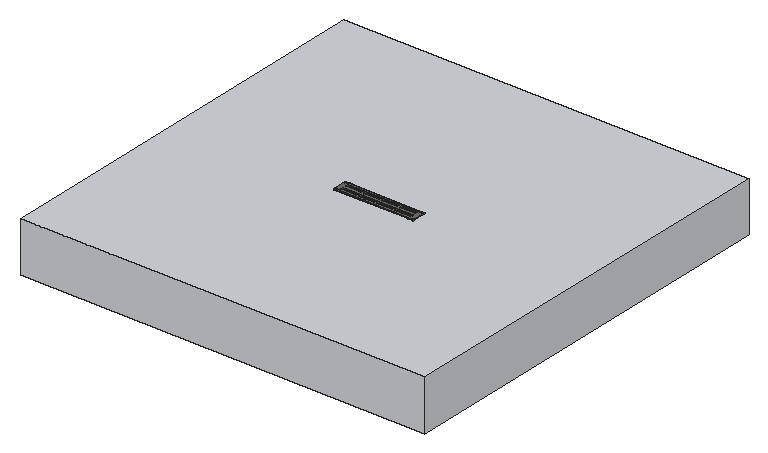
Revit family
Parameters (values of type "HD5-48")
  U/M = "EA"
  U Space = "2"
  System = "Cat 5e UTP"
  Serial Number = "HD5-48"
  Segment = "COPPER"
  Ports = "48"
  Model = "PATCH PANEL"
  Metal = none
  Manufacturer = "SIEMON"
  Loaded/Empty = "Populated"
  Item Group = "PATCH PANELS"
  Item Class = "GA"
  Description = "48 PORT CAT5e PATCH PANEL, UNIVERSAL WIRED,2RMS"
  Default Elevation = 4' - 0"
  Color = "Black"
Reference planes (in)
  plane 1 "Center (Front/Back)": y = 0
  plane 2: z = 0
  plane 3 "Center (Left/Right)": x = 0
Forms (in)
  Extrusion 1, solid
    sketch origin (0, 0, 0) x (1, 0, 0) y (0, 1, 0)
      loop
        line (-48, 48) -> (-48, -48) -> (48, -48) -> (48, 48) -> (-48, 48)
    from 0 to -12
Dimensions and locks (in)
  aligned and locked: plane 2 to Extrusion 1
  aligned and locked: level to Extrusion 1
Nested families (in)
  nested 1: "HD5-48[1][1]" at (0, -1.1293, -1.40711), type "HD5-48[1][1]"
Definition of nested family "HD5-48[1][1]"
  Parameters (values of type "HD5-48[1][1]")
    Weight = "1.4 kgs (3.0 lbs)"
    UL Rating = "UL 1863"
    U Space / Capacity = "1U"
    Text1 = Symbol
    Text = Text
    Part Number = "HD5-48"
    Material = Black Anodized Aluminum
    Manufacturer Contact Info / Website = "www.siemon.com"
    Manufacturer = "Siemon"
    Dimensions (H x W x D) = "89mm x 483mm x 25mm\r\n(3.50 in. x 19.0 in. x 1.4 in.)"
    Description = "48-port Category 5e Copper Patch Panel"
    Clearance = "50mm (2.0 in.) Front and Rear"
    Assembly Code = ""
  Reference planes (in)
    plane 1 "Center (Front/Back)": y = 1.1293
    plane 2: z = 2.39449
    plane 3 "Center (Left/Right)": x = 0
  Forms (in)
    Extrusion 1, solid, material "Black Anodized Aluminum" <- "Material"
      sketch origin (0, -1.08246, 1.42889) x (1, 0, 0) y (0, 1, 0)
        loop
          arc (7.64502, 0.3175) -> (7.63087, 0.31164) -> (7.62502, 0.2975) r 0.02
          line (7.62502, 0.2975) -> (7.62502, -0.2975)
          arc (7.62502, -0.2975) -> (7.63087, -0.31164) -> (7.64502, -0.3175) r 0.02
          line (7.64502, -0.3175) -> (8.21002, -0.3175)
          arc (8.21002, -0.3175) -> (8.22416, -0.31164) -> (8.23002, -0.2975) r 0.02
          line (8.23002, -0.2975) -> (8.23002, 0.2975)
          arc (8.23002, 0.2975) -> (8.22416, 0.31164) -> (8.21002, 0.3175) r 0.02
          line (8.21002, 0.3175) -> (7.64502, 0.3175)
        loop
          line (8.00752, -0.29778) -> (8.00752, -0.2225) -> (8.05152, -0.2225) -> (8.05152, -0.1575) -> (8.15952, -0.1575) -> (8.15952, 0.1125) -> (7.69552, 0.1125) -> (7.69552, -0.1575) -> (7.80352, -0.1575) -> (7.80352, -0.2225) -> (7.84752, -0.2225) -> (7.84752, -0.29778) -> (8.00752, -0.29778)
        loop
          arc (7.02702, 0.3175) -> (7.01287, 0.31164) -> (7.00702, 0.2975) r 0.02
          line (7.00702, 0.2975) -> (7.00702, -0.2975)
          arc (7.00702, -0.2975) -> (7.01287, -0.31164) -> (7.02702, -0.3175) r 0.02
          line (7.02702, -0.3175) -> (7.59202, -0.3175)
          arc (7.59202, -0.3175) -> (7.60616, -0.31164) -> (7.61202, -0.2975) r 0.02
          line (7.61202, -0.2975) -> (7.61202, 0.2975)
          arc (7.61202, 0.2975) -> (7.60616, 0.31164) -> (7.59202, 0.3175) r 0.02
          line (7.59202, 0.3175) -> (7.02702, 0.3175)
        loop
          line (7.38952, -0.29778) -> (7.38952, -0.2225) -> (7.43352, -0.2225) -> (7.43352, -0.1575) -> (7.54152, -0.1575) -> (7.54152, 0.1125) -> (7.07752, 0.1125) -> (7.07752, -0.1575) -> (7.18552, -0.1575) -> (7.18552, -0.2225) -> (7.22952, -0.2225) -> (7.22952, -0.29778) -> (7.38952, -0.29778)
        loop
          arc (6.40901, 0.3175) -> (6.39487, 0.31164) -> (6.38901, 0.2975) r 0.02
          line (6.38901, 0.2975) -> (6.38901, -0.2975)
          arc (6.38901, -0.2975) -> (6.39487, -0.31164) -> (6.40901, -0.3175) r 0.02
          line (6.40901, -0.3175) -> (6.97402, -0.3175)
          arc (6.97402, -0.3175) -> (6.98816, -0.31164) -> (6.99402, -0.2975) r 0.02
          line (6.99402, -0.2975) -> (6.99402, 0.2975)
          arc (6.99402, 0.2975) -> (6.98816, 0.31164) -> (6.97402, 0.3175) r 0.02
          line (6.97402, 0.3175) -> (6.40901, 0.3175)
        loop
          line (6.77152, -0.29778) -> (6.77152, -0.2225) -> (6.81552, -0.2225) -> (6.81552, -0.1575) -> (6.92352, -0.1575) -> (6.92352, 0.1125) -> (6.45951, 0.1125) -> (6.45951, -0.1575) -> (6.56751, -0.1575) -> (6.56751, -0.2225) -> (6.61151, -0.2225) -> (6.61151, -0.29778) -> (6.77152, -0.29778)
        loop
          arc (5.79101, 0.3175) -> (5.77687, 0.31164) -> (5.77101, 0.2975) r 0.02
          line (5.77101, 0.2975) -> (5.77101, -0.2975)
          arc (5.77101, -0.2975) -> (5.77687, -0.31164) -> (5.79101, -0.3175) r 0.02
          line (5.79101, -0.3175) -> (6.35601, -0.3175)
          arc (6.35601, -0.3175) -> (6.37016, -0.31164) -> (6.37601, -0.2975) r 0.02
          line (6.37601, -0.2975) -> (6.37601, 0.2975)
          arc (6.37601, 0.2975) -> (6.37016, 0.31164) -> (6.35601, 0.3175) r 0.02
          line (6.35601, 0.3175) -> (5.79101, 0.3175)
        loop
          line (6.15351, -0.29778) -> (6.15351, -0.2225) -> (6.19751, -0.2225) -> (6.19751, -0.1575) -> (6.30551, -0.1575) -> (6.30551, 0.1125) -> (5.84151, 0.1125) -> (5.84151, -0.1575) -> (5.94951, -0.1575) -> (5.94951, -0.2225) -> (5.99351, -0.2225) -> (5.99351, -0.29778) -> (6.15351, -0.29778)
        loop
          arc (5.17301, 0.3175) -> (5.15887, 0.31164) -> (5.15301, 0.2975) r 0.02
          line (5.15301, 0.2975) -> (5.15301, -0.2975)
          arc (5.15301, -0.2975) -> (5.15887, -0.31164) -> (5.17301, -0.3175) r 0.02
          line (5.17301, -0.3175) -> (5.73801, -0.3175)
          arc (5.73801, -0.3175) -> (5.75215, -0.31164) -> (5.75801, -0.2975) r 0.02
          line (5.75801, -0.2975) -> (5.75801, 0.2975)
          arc (5.75801, 0.2975) -> (5.75215, 0.31164) -> (5.73801, 0.3175) r 0.02
          line (5.73801, 0.3175) -> (5.17301, 0.3175)
        loop
          line (5.53551, -0.29778) -> (5.53551, -0.2225) -> (5.57951, -0.2225) -> (5.57951, -0.1575) -> (5.68751, -0.1575) -> (5.68751, 0.1125) -> (5.22351, 0.1125) -> (5.22351, -0.1575) -> (5.33151, -0.1575) -> (5.33151, -0.2225) -> (5.37551, -0.2225) -> (5.37551, -0.29778) -> (5.53551, -0.29778)
        loop
          arc (4.55501, 0.3175) -> (4.54087, 0.31164) -> (4.53501, 0.2975) r 0.02
          line (4.53501, 0.2975) -> (4.53501, -0.2975)
          arc (4.53501, -0.2975) -> (4.54087, -0.31164) -> (4.55501, -0.3175) r 0.02
          line (4.55501, -0.3175) -> (5.12001, -0.3175)
          arc (5.12001, -0.3175) -> (5.13415, -0.31164) -> (5.14001, -0.2975) r 0.02
          line (5.14001, -0.2975) -> (5.14001, 0.2975)
          arc (5.14001, 0.2975) -> (5.13415, 0.31164) -> (5.12001, 0.3175) r 0.02
          line (5.12001, 0.3175) -> (4.55501, 0.3175)
        loop
          line (4.91751, -0.29778) -> (4.91751, -0.2225) -> (4.96151, -0.2225) -> (4.96151, -0.1575) -> (5.06951, -0.1575) -> (5.06951, 0.1125) -> (4.60551, 0.1125) -> (4.60551, -0.1575) -> (4.71351, -0.1575) -> (4.71351, -0.2225) -> (4.75751, -0.2225) -> (4.75751, -0.29778) -> (4.91751, -0.29778)
        loop
          arc (3.39001, 0.3175) -> (3.37587, 0.31164) -> (3.37001, 0.2975) r 0.02
          line (3.37001, 0.2975) -> (3.37001, -0.2975)
          arc (3.37001, -0.2975) -> (3.37587, -0.31164) -> (3.39001, -0.3175) r 0.02
          line (3.39001, -0.3175) -> (3.95501, -0.3175)
          arc (3.95501, -0.3175) -> (3.96915, -0.31164) -> (3.97501, -0.2975) r 0.02
          line (3.97501, -0.2975) -> (3.97501, 0.2975)
          arc (3.97501, 0.2975) -> (3.96915, 0.31164) -> (3.95501, 0.3175) r 0.02
          line (3.95501, 0.3175) -> (3.39001, 0.3175)
        loop
          line (3.75251, -0.29778) -> (3.75251, -0.2225) -> (3.79651, -0.2225) -> (3.79651, -0.1575) -> (3.90451, -0.1575) -> (3.90451, 0.1125) -> (3.44051, 0.1125) -> (3.44051, -0.1575) -> (3.54851, -0.1575) -> (3.54851, -0.2225) -> (3.59251, -0.2225) -> (3.59251, -0.29778) -> (3.75251, -0.29778)
        loop
          arc (2.77201, 0.3175) -> (2.75786, 0.31164) -> (2.75201, 0.2975) r 0.02
          line (2.75201, 0.2975) -> (2.75201, -0.2975)
          arc (2.75201, -0.2975) -> (2.75786, -0.31164) -> (2.77201, -0.3175) r 0.02
          line (2.77201, -0.3175) -> (3.33701, -0.3175)
          arc (3.33701, -0.3175) -> (3.35115, -0.31164) -> (3.35701, -0.2975) r 0.02
          line (3.35701, -0.2975) -> (3.35701, 0.2975)
          arc (3.35701, 0.2975) -> (3.35115, 0.31164) -> (3.33701, 0.3175) r 0.02
          line (3.33701, 0.3175) -> (2.77201, 0.3175)
        loop
          line (3.13451, -0.29778) -> (3.13451, -0.2225) -> (3.17851, -0.2225) -> (3.17851, -0.1575) -> (3.28651, -0.1575) -> (3.28651, 0.1125) -> (2.82251, 0.1125) -> (2.82251, -0.1575) -> (2.93051, -0.1575) -> (2.93051, -0.2225) -> (2.97451, -0.2225) -> (2.97451, -0.29778) -> (3.13451, -0.29778)
        loop
          arc (2.154, 0.3175) -> (2.13986, 0.31164) -> (2.134, 0.2975) r 0.02
          line (2.134, 0.2975) -> (2.134, -0.2975)
          arc (2.134, -0.2975) -> (2.13986, -0.31164) -> (2.154, -0.3175) r 0.02
          line (2.154, -0.3175) -> (2.71901, -0.3175)
          arc (2.71901, -0.3175) -> (2.73315, -0.31164) -> (2.73901, -0.2975) r 0.02
          line (2.73901, -0.2975) -> (2.73901, 0.2975)
          arc (2.73901, 0.2975) -> (2.73315, 0.31164) -> (2.71901, 0.3175) r 0.02
          line (2.71901, 0.3175) -> (2.154, 0.3175)
        loop
          line (2.51651, -0.29778) -> (2.51651, -0.2225) -> (2.56051, -0.2225) -> (2.56051, -0.1575) -> (2.66851, -0.1575) -> (2.66851, 0.1125) -> (2.2045, 0.1125) -> (2.2045, -0.1575) -> (2.31251, -0.1575) -> (2.31251, -0.2225) -> (2.35651, -0.2225) -> (2.35651, -0.29778) -> (2.51651, -0.29778)
        loop
          arc (1.536, 0.3175) -> (1.52186, 0.31164) -> (1.516, 0.2975) r 0.02
          line (1.516, 0.2975) -> (1.516, -0.2975)
          arc (1.516, -0.2975) -> (1.52186, -0.31164) -> (1.536, -0.3175) r 0.02
          line (1.536, -0.3175) -> (2.101, -0.3175)
          arc (2.101, -0.3175) -> (2.11515, -0.31164) -> (2.121, -0.2975) r 0.02
          line (2.121, -0.2975) -> (2.121, 0.2975)
          arc (2.121, 0.2975) -> (2.11515, 0.31164) -> (2.101, 0.3175) r 0.02
          line (2.101, 0.3175) -> (1.536, 0.3175)
        loop
          line (1.8985, -0.29778) -> (1.8985, -0.2225) -> (1.9425, -0.2225) -> (1.9425, -0.1575) -> (2.0505, -0.1575) -> (2.0505, 0.1125) -> (1.5865, 0.1125) -> (1.5865, -0.1575) -> (1.6945, -0.1575) -> (1.6945, -0.2225) -> (1.7385, -0.2225) -> (1.7385, -0.29778) -> (1.8985, -0.29778)
        loop
          arc (0.918, 0.3175) -> (0.90386, 0.31164) -> (0.898, 0.2975) r 0.02
          line (0.898, 0.2975) -> (0.898, -0.2975)
          arc (0.898, -0.2975) -> (0.90386, -0.31164) -> (0.918, -0.3175) r 0.02
          line (0.918, -0.3175) -> (1.483, -0.3175)
          arc (1.483, -0.3175) -> (1.49715, -0.31164) -> (1.503, -0.2975) r 0.02
          line (1.503, -0.2975) -> (1.503, 0.2975)
          arc (1.503, 0.2975) -> (1.49715, 0.31164) -> (1.483, 0.3175) r 0.02
          line (1.483, 0.3175) -> (0.918, 0.3175)
        loop
          line (1.2805, -0.29778) -> (1.2805, -0.2225) -> (1.3245, -0.2225) -> (1.3245, -0.1575) -> (1.4325, -0.1575) -> (1.4325, 0.1125) -> (0.9685, 0.1125) -> (0.9685, -0.1575) -> (1.0765, -0.1575) -> (1.0765, -0.2225) -> (1.1205, -0.2225) -> (1.1205, -0.29778) -> (1.2805, -0.29778)
        loop
          arc (0.3, 0.3175) -> (0.28586, 0.31164) -> (0.28, 0.2975) r 0.02
          line (0.28, 0.2975) -> (0.28, -0.2975)
          arc (0.28, -0.2975) -> (0.28586, -0.31164) -> (0.3, -0.3175) r 0.02
          line (0.3, -0.3175) -> (0.865, -0.3175)
          arc (0.865, -0.3175) -> (0.87914, -0.31164) -> (0.885, -0.2975) r 0.02
          line (0.885, -0.2975) -> (0.885, 0.2975)
          arc (0.885, 0.2975) -> (0.87914, 0.31164) -> (0.865, 0.3175) r 0.02
          line (0.865, 0.3175) -> (0.3, 0.3175)
        loop
          line (0.6625, -0.29778) -> (0.6625, -0.2225) -> (0.7065, -0.2225) -> (0.7065, -0.1575) -> (0.8145, -0.1575) -> (0.8145, 0.1125) -> (0.3505, 0.1125) -> (0.3505, -0.1575) -> (0.4585, -0.1575) -> (0.4585, -0.2225) -> (0.5025, -0.2225) -> (0.5025, -0.29778) -> (0.6625, -0.29778)
        loop
          arc (-0.865, 0.3175) -> (-0.87914, 0.31164) -> (-0.885, 0.2975) r 0.02
          line (-0.885, 0.2975) -> (-0.885, -0.2975)
          arc (-0.885, -0.2975) -> (-0.87914, -0.31164) -> (-0.865, -0.3175) r 0.02
          line (-0.865, -0.3175) -> (-0.3, -0.3175)
          arc (-0.3, -0.3175) -> (-0.28586, -0.31164) -> (-0.28, -0.2975) r 0.02
          line (-0.28, -0.2975) -> (-0.28, 0.2975)
          arc (-0.28, 0.2975) -> (-0.28586, 0.31164) -> (-0.3, 0.3175) r 0.02
          line (-0.3, 0.3175) -> (-0.865, 0.3175)
        loop
          line (-0.5025, -0.29778) -> (-0.5025, -0.2225) -> (-0.4585, -0.2225) -> (-0.4585, -0.1575) -> (-0.3505, -0.1575) -> (-0.3505, 0.1125) -> (-0.8145, 0.1125) -> (-0.8145, -0.1575) -> (-0.7065, -0.1575) -> (-0.7065, -0.2225) -> (-0.6625, -0.2225) -> (-0.6625, -0.29778) -> (-0.5025, -0.29778)
        loop
          arc (-1.483, 0.3175) -> (-1.49715, 0.31164) -> (-1.503, 0.2975) r 0.02
          line (-1.503, 0.2975) -> (-1.503, -0.2975)
          arc (-1.503, -0.2975) -> (-1.49715, -0.31164) -> (-1.483, -0.3175) r 0.02
          line (-1.483, -0.3175) -> (-0.918, -0.3175)
          arc (-0.918, -0.3175) -> (-0.90386, -0.31164) -> (-0.898, -0.2975) r 0.02
          line (-0.898, -0.2975) -> (-0.898, 0.2975)
          arc (-0.898, 0.2975) -> (-0.90386, 0.31164) -> (-0.918, 0.3175) r 0.02
          line (-0.918, 0.3175) -> (-1.483, 0.3175)
        loop
          line (-1.1205, -0.29778) -> (-1.1205, -0.2225) -> (-1.0765, -0.2225) -> (-1.0765, -0.1575) -> (-0.9685, -0.1575) -> (-0.9685, 0.1125) -> (-1.4325, 0.1125) -> (-1.4325, -0.1575) -> (-1.3245, -0.1575) -> (-1.3245, -0.2225) -> (-1.2805, -0.2225) -> (-1.2805, -0.29778) -> (-1.1205, -0.29778)
        loop
          arc (-2.101, 0.3175) -> (-2.11515, 0.31164) -> (-2.121, 0.2975) r 0.02
          line (-2.121, 0.2975) -> (-2.121, -0.2975)
          arc (-2.121, -0.2975) -> (-2.11515, -0.31164) -> (-2.101, -0.3175) r 0.02
          line (-2.101, -0.3175) -> (-1.536, -0.3175)
          arc (-1.536, -0.3175) -> (-1.52186, -0.31164) -> (-1.516, -0.2975) r 0.02
          line (-1.516, -0.2975) -> (-1.516, 0.2975)
          arc (-1.516, 0.2975) -> (-1.52186, 0.31164) -> (-1.536, 0.3175) r 0.02
          line (-1.536, 0.3175) -> (-2.101, 0.3175)
        loop
          line (-1.7385, -0.29778) -> (-1.7385, -0.2225) -> (-1.6945, -0.2225) -> (-1.6945, -0.1575) -> (-1.5865, -0.1575) -> (-1.5865, 0.1125) -> (-2.0505, 0.1125) -> (-2.0505, -0.1575) -> (-1.9425, -0.1575) -> (-1.9425, -0.2225) -> (-1.8985, -0.2225) -> (-1.8985, -0.29778) -> (-1.7385, -0.29778)
        loop
          arc (-2.71901, 0.3175) -> (-2.73315, 0.31164) -> (-2.73901, 0.2975) r 0.02
          line (-2.73901, 0.2975) -> (-2.73901, -0.2975)
          arc (-2.73901, -0.2975) -> (-2.73315, -0.31164) -> (-2.71901, -0.3175) r 0.02
          line (-2.71901, -0.3175) -> (-2.154, -0.3175)
          arc (-2.154, -0.3175) -> (-2.13986, -0.31164) -> (-2.134, -0.2975) r 0.02
          line (-2.134, -0.2975) -> (-2.134, 0.2975)
          arc (-2.134, 0.2975) -> (-2.13986, 0.31164) -> (-2.154, 0.3175) r 0.02
          line (-2.154, 0.3175) -> (-2.71901, 0.3175)
        loop
          line (-2.35651, -0.29778) -> (-2.35651, -0.2225) -> (-2.31251, -0.2225) -> (-2.31251, -0.1575) -> (-2.2045, -0.1575) -> (-2.2045, 0.1125) -> (-2.66851, 0.1125) -> (-2.66851, -0.1575) -> (-2.56051, -0.1575) -> (-2.56051, -0.2225) -> (-2.51651, -0.2225) -> (-2.51651, -0.29778) -> (-2.35651, -0.29778)
        loop
          arc (-3.33701, 0.3175) -> (-3.35115, 0.31164) -> (-3.35701, 0.2975) r 0.02
          line (-3.35701, 0.2975) -> (-3.35701, -0.2975)
          arc (-3.35701, -0.2975) -> (-3.35115, -0.31164) -> (-3.33701, -0.3175) r 0.02
          line (-3.33701, -0.3175) -> (-2.77201, -0.3175)
          arc (-2.77201, -0.3175) -> (-2.75786, -0.31164) -> (-2.75201, -0.2975) r 0.02
          line (-2.75201, -0.2975) -> (-2.75201, 0.2975)
          arc (-2.75201, 0.2975) -> (-2.75786, 0.31164) -> (-2.77201, 0.3175) r 0.02
          line (-2.77201, 0.3175) -> (-3.33701, 0.3175)
        loop
          line (-2.97451, -0.29778) -> (-2.97451, -0.2225) -> (-2.93051, -0.2225) -> (-2.93051, -0.1575) -> (-2.82251, -0.1575) -> (-2.82251, 0.1125) -> (-3.28651, 0.1125) -> (-3.28651, -0.1575) -> (-3.17851, -0.1575) -> (-3.17851, -0.2225) -> (-3.13451, -0.2225) -> (-3.13451, -0.29778) -> (-2.97451, -0.29778)
        loop
          arc (-3.95501, 0.3175) -> (-3.96915, 0.31164) -> (-3.97501, 0.2975) r 0.02
          line (-3.97501, 0.2975) -> (-3.97501, -0.2975)
          arc (-3.97501, -0.2975) -> (-3.96915, -0.31164) -> (-3.95501, -0.3175) r 0.02
          line (-3.95501, -0.3175) -> (-3.39001, -0.3175)
          arc (-3.39001, -0.3175) -> (-3.37587, -0.31164) -> (-3.37001, -0.2975) r 0.02
          line (-3.37001, -0.2975) -> (-3.37001, 0.2975)
          arc (-3.37001, 0.2975) -> (-3.37587, 0.31164) -> (-3.39001, 0.3175) r 0.02
          line (-3.39001, 0.3175) -> (-3.95501, 0.3175)
        loop
          line (-3.59251, -0.29778) -> (-3.59251, -0.2225) -> (-3.54851, -0.2225) -> (-3.54851, -0.1575) -> (-3.44051, -0.1575) -> (-3.44051, 0.1125) -> (-3.90451, 0.1125) -> (-3.90451, -0.1575) -> (-3.79651, -0.1575) -> (-3.79651, -0.2225) -> (-3.75251, -0.2225) -> (-3.75251, -0.29778) -> (-3.59251, -0.29778)
        loop
          arc (-5.12001, 0.3175) -> (-5.13415, 0.31164) -> (-5.14001, 0.2975) r 0.02
          line (-5.14001, 0.2975) -> (-5.14001, -0.2975)
          arc (-5.14001, -0.2975) -> (-5.13415, -0.31164) -> (-5.12001, -0.3175) r 0.02
          line (-5.12001, -0.3175) -> (-4.55501, -0.3175)
          arc (-4.55501, -0.3175) -> (-4.54087, -0.31164) -> (-4.53501, -0.2975) r 0.02
          line (-4.53501, -0.2975) -> (-4.53501, 0.2975)
          arc (-4.53501, 0.2975) -> (-4.54087, 0.31164) -> (-4.55501, 0.3175) r 0.02
          line (-4.55501, 0.3175) -> (-5.12001, 0.3175)
        loop
          line (-4.75751, -0.29778) -> (-4.75751, -0.2225) -> (-4.71351, -0.2225) -> (-4.71351, -0.1575) -> (-4.60551, -0.1575) -> (-4.60551, 0.1125) -> (-5.06951, 0.1125) -> (-5.06951, -0.1575) -> (-4.96151, -0.1575) -> (-4.96151, -0.2225) -> (-4.91751, -0.2225) -> (-4.91751, -0.29778) -> (-4.75751, -0.29778)
        loop
          arc (-5.73801, 0.3175) -> (-5.75215, 0.31164) -> (-5.75801, 0.2975) r 0.02
          line (-5.75801, 0.2975) -> (-5.75801, -0.2975)
          arc (-5.75801, -0.2975) -> (-5.75215, -0.31164) -> (-5.73801, -0.3175) r 0.02
          line (-5.73801, -0.3175) -> (-5.17301, -0.3175)
          arc (-5.17301, -0.3175) -> (-5.15887, -0.31164) -> (-5.15301, -0.2975) r 0.02
          line (-5.15301, -0.2975) -> (-5.15301, 0.2975)
          arc (-5.15301, 0.2975) -> (-5.15887, 0.31164) -> (-5.17301, 0.3175) r 0.02
          line (-5.17301, 0.3175) -> (-5.73801, 0.3175)
        loop
          line (-5.37551, -0.29778) -> (-5.37551, -0.2225) -> (-5.33151, -0.2225) -> (-5.33151, -0.1575) -> (-5.22351, -0.1575) -> (-5.22351, 0.1125) -> (-5.68751, 0.1125) -> (-5.68751, -0.1575) -> (-5.57951, -0.1575) -> (-5.57951, -0.2225) -> (-5.53551, -0.2225) -> (-5.53551, -0.29778) -> (-5.37551, -0.29778)
        loop
          arc (-6.35601, 0.3175) -> (-6.37016, 0.31164) -> (-6.37601, 0.2975) r 0.02
          line (-6.37601, 0.2975) -> (-6.37601, -0.2975)
          arc (-6.37601, -0.2975) -> (-6.37016, -0.31164) -> (-6.35601, -0.3175) r 0.02
          line (-6.35601, -0.3175) -> (-5.79101, -0.3175)
          arc (-5.79101, -0.3175) -> (-5.77687, -0.31164) -> (-5.77101, -0.2975) r 0.02
          line (-5.77101, -0.2975) -> (-5.77101, 0.2975)
          arc (-5.77101, 0.2975) -> (-5.77687, 0.31164) -> (-5.79101, 0.3175) r 0.02
          line (-5.79101, 0.3175) -> (-6.35601, 0.3175)
        loop
          line (-5.99351, -0.29778) -> (-5.99351, -0.2225) -> (-5.94951, -0.2225) -> (-5.94951, -0.1575) -> (-5.84151, -0.1575) -> (-5.84151, 0.1125) -> (-6.30551, 0.1125) -> (-6.30551, -0.1575) -> (-6.19751, -0.1575) -> (-6.19751, -0.2225) -> (-6.15351, -0.2225) -> (-6.15351, -0.29778) -> (-5.99351, -0.29778)
        loop
          arc (-6.97402, 0.3175) -> (-6.98816, 0.31164) -> (-6.99402, 0.2975) r 0.02
          line (-6.99402, 0.2975) -> (-6.99402, -0.2975)
          arc (-6.99402, -0.2975) -> (-6.98816, -0.31164) -> (-6.97402, -0.3175) r 0.02
          line (-6.97402, -0.3175) -> (-6.40901, -0.3175)
          arc (-6.40901, -0.3175) -> (-6.39487, -0.31164) -> (-6.38901, -0.2975) r 0.02
          line (-6.38901, -0.2975) -> (-6.38901, 0.2975)
          arc (-6.38901, 0.2975) -> (-6.39487, 0.31164) -> (-6.40901, 0.3175) r 0.02
          line (-6.40901, 0.3175) -> (-6.97402, 0.3175)
        loop
          line (-6.61151, -0.29778) -> (-6.61151, -0.2225) -> (-6.56751, -0.2225) -> (-6.56751, -0.1575) -> (-6.45951, -0.1575) -> (-6.45951, 0.1125) -> (-6.92352, 0.1125) -> (-6.92352, -0.1575) -> (-6.81552, -0.1575) -> (-6.81552, -0.2225) -> (-6.77152, -0.2225) -> (-6.77152, -0.29778) -> (-6.61151, -0.29778)
        loop
          arc (-7.59202, 0.3175) -> (-7.60616, 0.31164) -> (-7.61202, 0.2975) r 0.02
          line (-7.61202, 0.2975) -> (-7.61202, -0.2975)
          arc (-7.61202, -0.2975) -> (-7.60616, -0.31164) -> (-7.59202, -0.3175) r 0.02
          line (-7.59202, -0.3175) -> (-7.02702, -0.3175)
          arc (-7.02702, -0.3175) -> (-7.01287, -0.31164) -> (-7.00702, -0.2975) r 0.02
          line (-7.00702, -0.2975) -> (-7.00702, 0.2975)
          arc (-7.00702, 0.2975) -> (-7.01287, 0.31164) -> (-7.02702, 0.3175) r 0.02
          line (-7.02702, 0.3175) -> (-7.59202, 0.3175)
        loop
          line (-7.22952, -0.29778) -> (-7.22952, -0.2225) -> (-7.18552, -0.2225) -> (-7.18552, -0.1575) -> (-7.07752, -0.1575) -> (-7.07752, 0.1125) -> (-7.54152, 0.1125) -> (-7.54152, -0.1575) -> (-7.43352, -0.1575) -> (-7.43352, -0.2225) -> (-7.38952, -0.2225) -> (-7.38952, -0.29778) -> (-7.22952, -0.29778)
        loop
          arc (-8.21002, 0.3175) -> (-8.22416, 0.31164) -> (-8.23002, 0.2975) r 0.02
          line (-8.23002, 0.2975) -> (-8.23002, -0.2975)
          arc (-8.23002, -0.2975) -> (-8.22416, -0.31164) -> (-8.21002, -0.3175) r 0.02
          line (-8.21002, -0.3175) -> (-7.64502, -0.3175)
          arc (-7.64502, -0.3175) -> (-7.63087, -0.31164) -> (-7.62502, -0.2975) r 0.02
          line (-7.62502, -0.2975) -> (-7.62502, 0.2975)
          arc (-7.62502, 0.2975) -> (-7.63087, 0.31164) -> (-7.64502, 0.3175) r 0.02
          line (-7.64502, 0.3175) -> (-8.21002, 0.3175)
        loop
          line (-7.84752, -0.29778) -> (-7.84752, -0.2225) -> (-7.80352, -0.2225) -> (-7.80352, -0.1575) -> (-7.69552, -0.1575) -> (-7.69552, 0.1125) -> (-8.15952, 0.1125) -> (-8.15952, -0.1575) -> (-8.05152, -0.1575) -> (-8.05152, -0.2225) -> (-8.00752, -0.2225) -> (-8.00752, -0.29778) -> (-7.84752, -0.29778)
      from -0.666 to -0.01636
    Extrusion 2, solid, material "Black Anodized Aluminum" <- "Material"
      sketch origin (0, -1.23746, 1.58388) x (1, 0, 0) y (0, 1, 0)
        loop
          arc (-9.50002, -0.75) -> (-9.46487, -0.83485) -> (-9.38002, -0.87) r 0.12
          line (-9.38002, -0.87) -> (-8.72502, -0.87) -> (-8.72502, -0.76) -> (8.72502, -0.76) -> (8.72502, -0.87) -> (9.38002, -0.87)
          arc (9.38002, -0.87) -> (9.46487, -0.83485) -> (9.50002, -0.75) r 0.12
          line (9.50002, -0.75) -> (9.50002, 2.50001)
          arc (9.50002, 2.50001) -> (9.46487, 2.58486) -> (9.38002, 2.62001) r 0.12
          line (9.38002, 2.62001) -> (8.75002, 2.62001) -> (8.75002, 2.43201) -> (-8.75002, 2.43201) -> (-8.75002, 2.62001) -> (-9.38002, 2.62001)
          arc (-9.38002, 2.62001) -> (-9.46487, 2.58486) -> (-9.50002, 2.50001) r 0.12
          line (-9.50002, 2.50001) -> (-9.50002, -0.75)
        loop
          arc (-9.22702, -0.48) -> (-9.36702, -0.62) -> (-9.22702, -0.76) r 0.14
          line (-9.22702, -0.76) -> (-9.10102, -0.76)
          arc (-9.10102, -0.76) -> (-8.96102, -0.62) -> (-9.10102, -0.48) r 0.14
          line (-9.10102, -0.48) -> (-9.22702, -0.48)
        loop
          arc (9.10102, 2.51501) -> (8.96102, 2.37501) -> (9.10102, 2.235) r 0.14
          line (9.10102, 2.235) -> (9.22702, 2.235)
          arc (9.22702, 2.235) -> (9.36702, 2.37501) -> (9.22702, 2.51501) r 0.14
          line (9.22702, 2.51501) -> (9.10102, 2.51501)
        loop
          arc (9.1009, -0.485) -> (8.9609, -0.625) -> (9.1009, -0.765) r 0.14
          line (9.1009, -0.765) -> (9.2269, -0.765)
          arc (9.2269, -0.765) -> (9.3669, -0.625) -> (9.2269, -0.485) r 0.14
          line (9.2269, -0.485) -> (9.1009, -0.485)
        loop
          line (-4.52751, 0.4725) -> (-8.24352, 0.4725) -> (-8.24352, -0.1725) -> (-4.52751, -0.1725) -> (-4.52751, 0.4725)
        loop
          line (-0.2725, 0.4725) -> (-3.98851, 0.4725) -> (-3.98851, -0.1725) -> (-0.2725, -0.1725) -> (-0.2725, 0.4725)
        loop
          line (3.98251, 0.4725) -> (0.2665, 0.4725) -> (0.2665, -0.1725) -> (3.98251, -0.1725) -> (3.98251, 0.4725)
        loop
          line (8.23752, 0.4725) -> (4.52151, 0.4725) -> (4.52151, -0.1725) -> (8.23752, -0.1725) -> (8.23752, 0.4725)
        loop
          line (-4.52751, 1.9225) -> (-8.24352, 1.9225) -> (-8.24352, 1.2775) -> (-4.52751, 1.2775) -> (-4.52751, 1.9225)
        loop
          line (-0.2725, 1.9225) -> (-3.98851, 1.9225) -> (-3.98851, 1.2775) -> (-0.2725, 1.2775) -> (-0.2725, 1.9225)
        loop
          line (3.98251, 1.9225) -> (0.2665, 1.9225) -> (0.2665, 1.2775) -> (3.98251, 1.2775) -> (3.98251, 1.9225)
        loop
          line (8.23752, 1.9225) -> (4.52151, 1.9225) -> (4.52151, 1.2775) -> (8.23752, 1.2775) -> (8.23752, 1.9225)
        loop
          arc (-9.22702, 2.51501) -> (-9.36702, 2.37501) -> (-9.22702, 2.235) r 0.14
          line (-9.22702, 2.235) -> (-9.10102, 2.235)
          arc (-9.10102, 2.235) -> (-8.96102, 2.37501) -> (-9.10102, 2.51501) r 0.14
          line (-9.10102, 2.51501) -> (-9.22702, 2.51501)
      from -0.07992 to 0.02008
    Extrusion 3, solid, material "Black Anodized Aluminum" <- "Material"
      sketch origin (0, -1.23746, 1.54884) x (0, 0, -1) y (0, 1, 0)
        loop
          arc (-0.05512, -0.76) -> (-0.02409, -0.83225) -> (0.04488, -0.87) r 0.12058
          line (0.04488, -0.87) -> (0.04488, -0.80504)
          arc (0.04488, -0.80504) -> (0.01303, -0.79185) -> (-0.00016, -0.76) r 0.04504
          line (-0.00016, -0.76) -> (-0.05512, -0.76)
      from -8.62502 to 8.62502
    Extrusion 4, solid, material "Black Anodized Aluminum" <- "Material"
      sketch origin (0, 0.51255, 1.54884) x (0, 0, -1) y (0, 1, 0)
        loop
          line (-0.05512, 0.682) -> (0.00992, 0.682)
          arc (0.00992, 0.682) -> (0.01697, 0.74648) -> (0.04488, 0.80504) r 0.19407
          line (0.04488, 0.80504) -> (0.04488, 0.87)
          arc (0.04488, 0.87) -> (0.01494, 0.86269) -> (-0.00826, 0.8424) r 0.06496
          arc (-0.00826, 0.8424) -> (-0.04498, 0.76608) -> (-0.05512, 0.682) r 0.25903
      from -8.62502 to 8.62502
    Extrusion 5, solid, material "Black Anodized Aluminum" <- "Material"
      sketch origin (0, 0.36755, 1.42889) x (1, 0, 0) y (0, 1, 0)
        loop
          arc (7.64502, 0.3175) -> (7.63087, 0.31164) -> (7.62502, 0.2975) r 0.02
          line (7.62502, 0.2975) -> (7.62502, -0.2975)
          arc (7.62502, -0.2975) -> (7.63087, -0.31164) -> (7.64502, -0.3175) r 0.02
          line (7.64502, -0.3175) -> (8.21002, -0.3175)
          arc (8.21002, -0.3175) -> (8.22416, -0.31164) -> (8.23002, -0.2975) r 0.02
          line (8.23002, -0.2975) -> (8.23002, 0.2975)
          arc (8.23002, 0.2975) -> (8.22416, 0.31164) -> (8.21002, 0.3175) r 0.02
          line (8.21002, 0.3175) -> (7.64502, 0.3175)
        loop
          line (8.00752, -0.29778) -> (8.00752, -0.2225) -> (8.05152, -0.2225) -> (8.05152, -0.1575) -> (8.15952, -0.1575) -> (8.15952, 0.1125) -> (7.69552, 0.1125) -> (7.69552, -0.1575) -> (7.80352, -0.1575) -> (7.80352, -0.2225) -> (7.84752, -0.2225) -> (7.84752, -0.29778) -> (8.00752, -0.29778)
        loop
          arc (7.02702, 0.3175) -> (7.01287, 0.31164) -> (7.00702, 0.2975) r 0.02
          line (7.00702, 0.2975) -> (7.00702, -0.2975)
          arc (7.00702, -0.2975) -> (7.01287, -0.31164) -> (7.02702, -0.3175) r 0.02
          line (7.02702, -0.3175) -> (7.59202, -0.3175)
          arc (7.59202, -0.3175) -> (7.60616, -0.31164) -> (7.61202, -0.2975) r 0.02
          line (7.61202, -0.2975) -> (7.61202, 0.2975)
          arc (7.61202, 0.2975) -> (7.60616, 0.31164) -> (7.59202, 0.3175) r 0.02
          line (7.59202, 0.3175) -> (7.02702, 0.3175)
        loop
          line (7.38952, -0.29778) -> (7.38952, -0.2225) -> (7.43352, -0.2225) -> (7.43352, -0.1575) -> (7.54152, -0.1575) -> (7.54152, 0.1125) -> (7.07752, 0.1125) -> (7.07752, -0.1575) -> (7.18552, -0.1575) -> (7.18552, -0.2225) -> (7.22952, -0.2225) -> (7.22952, -0.29778) -> (7.38952, -0.29778)
        loop
          arc (6.40901, 0.3175) -> (6.39487, 0.31164) -> (6.38901, 0.2975) r 0.02
          line (6.38901, 0.2975) -> (6.38901, -0.2975)
          arc (6.38901, -0.2975) -> (6.39487, -0.31164) -> (6.40901, -0.3175) r 0.02
          line (6.40901, -0.3175) -> (6.97402, -0.3175)
          arc (6.97402, -0.3175) -> (6.98816, -0.31164) -> (6.99402, -0.2975) r 0.02
          line (6.99402, -0.2975) -> (6.99402, 0.2975)
          arc (6.99402, 0.2975) -> (6.98816, 0.31164) -> (6.97402, 0.3175) r 0.02
          line (6.97402, 0.3175) -> (6.40901, 0.3175)
        loop
          line (6.77152, -0.29778) -> (6.77152, -0.2225) -> (6.81552, -0.2225) -> (6.81552, -0.1575) -> (6.92352, -0.1575) -> (6.92352, 0.1125) -> (6.45951, 0.1125) -> (6.45951, -0.1575) -> (6.56751, -0.1575) -> (6.56751, -0.2225) -> (6.61151, -0.2225) -> (6.61151, -0.29778) -> (6.77152, -0.29778)
        loop
          arc (5.79101, 0.3175) -> (5.77687, 0.31164) -> (5.77101, 0.2975) r 0.02
          line (5.77101, 0.2975) -> (5.77101, -0.2975)
          arc (5.77101, -0.2975) -> (5.77687, -0.31164) -> (5.79101, -0.3175) r 0.02
          line (5.79101, -0.3175) -> (6.35601, -0.3175)
          arc (6.35601, -0.3175) -> (6.37016, -0.31164) -> (6.37601, -0.2975) r 0.02
          line (6.37601, -0.2975) -> (6.37601, 0.2975)
          arc (6.37601, 0.2975) -> (6.37016, 0.31164) -> (6.35601, 0.3175) r 0.02
          line (6.35601, 0.3175) -> (5.79101, 0.3175)
        loop
          line (6.15351, -0.29778) -> (6.15351, -0.2225) -> (6.19751, -0.2225) -> (6.19751, -0.1575) -> (6.30551, -0.1575) -> (6.30551, 0.1125) -> (5.84151, 0.1125) -> (5.84151, -0.1575) -> (5.94951, -0.1575) -> (5.94951, -0.2225) -> (5.99351, -0.2225) -> (5.99351, -0.29778) -> (6.15351, -0.29778)
        loop
          arc (5.17301, 0.3175) -> (5.15887, 0.31164) -> (5.15301, 0.2975) r 0.02
          line (5.15301, 0.2975) -> (5.15301, -0.2975)
          arc (5.15301, -0.2975) -> (5.15887, -0.31164) -> (5.17301, -0.3175) r 0.02
          line (5.17301, -0.3175) -> (5.73801, -0.3175)
          arc (5.73801, -0.3175) -> (5.75215, -0.31164) -> (5.75801, -0.2975) r 0.02
          line (5.75801, -0.2975) -> (5.75801, 0.2975)
          arc (5.75801, 0.2975) -> (5.75215, 0.31164) -> (5.73801, 0.3175) r 0.02
          line (5.73801, 0.3175) -> (5.17301, 0.3175)
        loop
          line (5.53551, -0.29778) -> (5.53551, -0.2225) -> (5.57951, -0.2225) -> (5.57951, -0.1575) -> (5.68751, -0.1575) -> (5.68751, 0.1125) -> (5.22351, 0.1125) -> (5.22351, -0.1575) -> (5.33151, -0.1575) -> (5.33151, -0.2225) -> (5.37551, -0.2225) -> (5.37551, -0.29778) -> (5.53551, -0.29778)
        loop
          arc (4.55501, 0.3175) -> (4.54087, 0.31164) -> (4.53501, 0.2975) r 0.02
          line (4.53501, 0.2975) -> (4.53501, -0.2975)
          arc (4.53501, -0.2975) -> (4.54087, -0.31164) -> (4.55501, -0.3175) r 0.02
          line (4.55501, -0.3175) -> (5.12001, -0.3175)
          arc (5.12001, -0.3175) -> (5.13415, -0.31164) -> (5.14001, -0.2975) r 0.02
          line (5.14001, -0.2975) -> (5.14001, 0.2975)
          arc (5.14001, 0.2975) -> (5.13415, 0.31164) -> (5.12001, 0.3175) r 0.02
          line (5.12001, 0.3175) -> (4.55501, 0.3175)
        loop
          line (4.91751, -0.29778) -> (4.91751, -0.2225) -> (4.96151, -0.2225) -> (4.96151, -0.1575) -> (5.06951, -0.1575) -> (5.06951, 0.1125) -> (4.60551, 0.1125) -> (4.60551, -0.1575) -> (4.71351, -0.1575) -> (4.71351, -0.2225) -> (4.75751, -0.2225) -> (4.75751, -0.29778) -> (4.91751, -0.29778)
        loop
          arc (3.39001, 0.3175) -> (3.37587, 0.31164) -> (3.37001, 0.2975) r 0.02
          line (3.37001, 0.2975) -> (3.37001, -0.2975)
          arc (3.37001, -0.2975) -> (3.37587, -0.31164) -> (3.39001, -0.3175) r 0.02
          line (3.39001, -0.3175) -> (3.95501, -0.3175)
          arc (3.95501, -0.3175) -> (3.96915, -0.31164) -> (3.97501, -0.2975) r 0.02
          line (3.97501, -0.2975) -> (3.97501, 0.2975)
          arc (3.97501, 0.2975) -> (3.96915, 0.31164) -> (3.95501, 0.3175) r 0.02
          line (3.95501, 0.3175) -> (3.39001, 0.3175)
        loop
          line (3.75251, -0.29778) -> (3.75251, -0.2225) -> (3.79651, -0.2225) -> (3.79651, -0.1575) -> (3.90451, -0.1575) -> (3.90451, 0.1125) -> (3.44051, 0.1125) -> (3.44051, -0.1575) -> (3.54851, -0.1575) -> (3.54851, -0.2225) -> (3.59251, -0.2225) -> (3.59251, -0.29778) -> (3.75251, -0.29778)
        loop
          arc (2.77201, 0.3175) -> (2.75786, 0.31164) -> (2.75201, 0.2975) r 0.02
          line (2.75201, 0.2975) -> (2.75201, -0.2975)
          arc (2.75201, -0.2975) -> (2.75786, -0.31164) -> (2.77201, -0.3175) r 0.02
          line (2.77201, -0.3175) -> (3.33701, -0.3175)
          arc (3.33701, -0.3175) -> (3.35115, -0.31164) -> (3.35701, -0.2975) r 0.02
          line (3.35701, -0.2975) -> (3.35701, 0.2975)
          arc (3.35701, 0.2975) -> (3.35115, 0.31164) -> (3.33701, 0.3175) r 0.02
          line (3.33701, 0.3175) -> (2.77201, 0.3175)
        loop
          line (3.13451, -0.29778) -> (3.13451, -0.2225) -> (3.17851, -0.2225) -> (3.17851, -0.1575) -> (3.28651, -0.1575) -> (3.28651, 0.1125) -> (2.82251, 0.1125) -> (2.82251, -0.1575) -> (2.93051, -0.1575) -> (2.93051, -0.2225) -> (2.97451, -0.2225) -> (2.97451, -0.29778) -> (3.13451, -0.29778)
        loop
          arc (2.154, 0.3175) -> (2.13986, 0.31164) -> (2.134, 0.2975) r 0.02
          line (2.134, 0.2975) -> (2.134, -0.2975)
          arc (2.134, -0.2975) -> (2.13986, -0.31164) -> (2.154, -0.3175) r 0.02
          line (2.154, -0.3175) -> (2.71901, -0.3175)
          arc (2.71901, -0.3175) -> (2.73315, -0.31164) -> (2.73901, -0.2975) r 0.02
          line (2.73901, -0.2975) -> (2.73901, 0.2975)
          arc (2.73901, 0.2975) -> (2.73315, 0.31164) -> (2.71901, 0.3175) r 0.02
          line (2.71901, 0.3175) -> (2.154, 0.3175)
        loop
          line (2.51651, -0.29778) -> (2.51651, -0.2225) -> (2.56051, -0.2225) -> (2.56051, -0.1575) -> (2.66851, -0.1575) -> (2.66851, 0.1125) -> (2.2045, 0.1125) -> (2.2045, -0.1575) -> (2.31251, -0.1575) -> (2.31251, -0.2225) -> (2.35651, -0.2225) -> (2.35651, -0.29778) -> (2.51651, -0.29778)
        loop
          arc (1.536, 0.3175) -> (1.52186, 0.31164) -> (1.516, 0.2975) r 0.02
          line (1.516, 0.2975) -> (1.516, -0.2975)
          arc (1.516, -0.2975) -> (1.52186, -0.31164) -> (1.536, -0.3175) r 0.02
          line (1.536, -0.3175) -> (2.101, -0.3175)
          arc (2.101, -0.3175) -> (2.11515, -0.31164) -> (2.121, -0.2975) r 0.02
          line (2.121, -0.2975) -> (2.121, 0.2975)
          arc (2.121, 0.2975) -> (2.11515, 0.31164) -> (2.101, 0.3175) r 0.02
          line (2.101, 0.3175) -> (1.536, 0.3175)
        loop
          line (1.8985, -0.29778) -> (1.8985, -0.2225) -> (1.9425, -0.2225) -> (1.9425, -0.1575) -> (2.0505, -0.1575) -> (2.0505, 0.1125) -> (1.5865, 0.1125) -> (1.5865, -0.1575) -> (1.6945, -0.1575) -> (1.6945, -0.2225) -> (1.7385, -0.2225) -> (1.7385, -0.29778) -> (1.8985, -0.29778)
        loop
          arc (0.918, 0.3175) -> (0.90386, 0.31164) -> (0.898, 0.2975) r 0.02
          line (0.898, 0.2975) -> (0.898, -0.2975)
          arc (0.898, -0.2975) -> (0.90386, -0.31164) -> (0.918, -0.3175) r 0.02
          line (0.918, -0.3175) -> (1.483, -0.3175)
          arc (1.483, -0.3175) -> (1.49715, -0.31164) -> (1.503, -0.2975) r 0.02
          line (1.503, -0.2975) -> (1.503, 0.2975)
          arc (1.503, 0.2975) -> (1.49715, 0.31164) -> (1.483, 0.3175) r 0.02
          line (1.483, 0.3175) -> (0.918, 0.3175)
        loop
          line (1.2805, -0.29778) -> (1.2805, -0.2225) -> (1.3245, -0.2225) -> (1.3245, -0.1575) -> (1.4325, -0.1575) -> (1.4325, 0.1125) -> (0.9685, 0.1125) -> (0.9685, -0.1575) -> (1.0765, -0.1575) -> (1.0765, -0.2225) -> (1.1205, -0.2225) -> (1.1205, -0.29778) -> (1.2805, -0.29778)
        loop
          arc (0.3, 0.3175) -> (0.28586, 0.31164) -> (0.28, 0.2975) r 0.02
          line (0.28, 0.2975) -> (0.28, -0.2975)
          arc (0.28, -0.2975) -> (0.28586, -0.31164) -> (0.3, -0.3175) r 0.02
          line (0.3, -0.3175) -> (0.865, -0.3175)
          arc (0.865, -0.3175) -> (0.87914, -0.31164) -> (0.885, -0.2975) r 0.02
          line (0.885, -0.2975) -> (0.885, 0.2975)
          arc (0.885, 0.2975) -> (0.87914, 0.31164) -> (0.865, 0.3175) r 0.02
          line (0.865, 0.3175) -> (0.3, 0.3175)
        loop
          line (0.6625, -0.29778) -> (0.6625, -0.2225) -> (0.7065, -0.2225) -> (0.7065, -0.1575) -> (0.8145, -0.1575) -> (0.8145, 0.1125) -> (0.3505, 0.1125) -> (0.3505, -0.1575) -> (0.4585, -0.1575) -> (0.4585, -0.2225) -> (0.5025, -0.2225) -> (0.5025, -0.29778) -> (0.6625, -0.29778)
        loop
          arc (-0.865, 0.3175) -> (-0.87914, 0.31164) -> (-0.885, 0.2975) r 0.02
          line (-0.885, 0.2975) -> (-0.885, -0.2975)
          arc (-0.885, -0.2975) -> (-0.87914, -0.31164) -> (-0.865, -0.3175) r 0.02
          line (-0.865, -0.3175) -> (-0.3, -0.3175)
          arc (-0.3, -0.3175) -> (-0.28586, -0.31164) -> (-0.28, -0.2975) r 0.02
          line (-0.28, -0.2975) -> (-0.28, 0.2975)
          arc (-0.28, 0.2975) -> (-0.28586, 0.31164) -> (-0.3, 0.3175) r 0.02
          line (-0.3, 0.3175) -> (-0.865, 0.3175)
        loop
          line (-0.5025, -0.29778) -> (-0.5025, -0.2225) -> (-0.4585, -0.2225) -> (-0.4585, -0.1575) -> (-0.3505, -0.1575) -> (-0.3505, 0.1125) -> (-0.8145, 0.1125) -> (-0.8145, -0.1575) -> (-0.7065, -0.1575) -> (-0.7065, -0.2225) -> (-0.6625, -0.2225) -> (-0.6625, -0.29778) -> (-0.5025, -0.29778)
        loop
          arc (-1.483, 0.3175) -> (-1.49715, 0.31164) -> (-1.503, 0.2975) r 0.02
          line (-1.503, 0.2975) -> (-1.503, -0.2975)
          arc (-1.503, -0.2975) -> (-1.49715, -0.31164) -> (-1.483, -0.3175) r 0.02
          line (-1.483, -0.3175) -> (-0.918, -0.3175)
          arc (-0.918, -0.3175) -> (-0.90386, -0.31164) -> (-0.898, -0.2975) r 0.02
          line (-0.898, -0.2975) -> (-0.898, 0.2975)
          arc (-0.898, 0.2975) -> (-0.90386, 0.31164) -> (-0.918, 0.3175) r 0.02
          line (-0.918, 0.3175) -> (-1.483, 0.3175)
        loop
          line (-1.1205, -0.29778) -> (-1.1205, -0.2225) -> (-1.0765, -0.2225) -> (-1.0765, -0.1575) -> (-0.9685, -0.1575) -> (-0.9685, 0.1125) -> (-1.4325, 0.1125) -> (-1.4325, -0.1575) -> (-1.3245, -0.1575) -> (-1.3245, -0.2225) -> (-1.2805, -0.2225) -> (-1.2805, -0.29778) -> (-1.1205, -0.29778)
        loop
          arc (-2.101, 0.3175) -> (-2.11515, 0.31164) -> (-2.121, 0.2975) r 0.02
          line (-2.121, 0.2975) -> (-2.121, -0.2975)
          arc (-2.121, -0.2975) -> (-2.11515, -0.31164) -> (-2.101, -0.3175) r 0.02
          line (-2.101, -0.3175) -> (-1.536, -0.3175)
          arc (-1.536, -0.3175) -> (-1.52186, -0.31164) -> (-1.516, -0.2975) r 0.02
          line (-1.516, -0.2975) -> (-1.516, 0.2975)
          arc (-1.516, 0.2975) -> (-1.52186, 0.31164) -> (-1.536, 0.3175) r 0.02
          line (-1.536, 0.3175) -> (-2.101, 0.3175)
        loop
          line (-1.7385, -0.29778) -> (-1.7385, -0.2225) -> (-1.6945, -0.2225) -> (-1.6945, -0.1575) -> (-1.5865, -0.1575) -> (-1.5865, 0.1125) -> (-2.0505, 0.1125) -> (-2.0505, -0.1575) -> (-1.9425, -0.1575) -> (-1.9425, -0.2225) -> (-1.8985, -0.2225) -> (-1.8985, -0.29778) -> (-1.7385, -0.29778)
        loop
          arc (-2.71901, 0.3175) -> (-2.73315, 0.31164) -> (-2.73901, 0.2975) r 0.02
          line (-2.73901, 0.2975) -> (-2.73901, -0.2975)
          arc (-2.73901, -0.2975) -> (-2.73315, -0.31164) -> (-2.71901, -0.3175) r 0.02
          line (-2.71901, -0.3175) -> (-2.154, -0.3175)
          arc (-2.154, -0.3175) -> (-2.13986, -0.31164) -> (-2.134, -0.2975) r 0.02
          line (-2.134, -0.2975) -> (-2.134, 0.2975)
          arc (-2.134, 0.2975) -> (-2.13986, 0.31164) -> (-2.154, 0.3175) r 0.02
          line (-2.154, 0.3175) -> (-2.71901, 0.3175)
        loop
          line (-2.35651, -0.29778) -> (-2.35651, -0.2225) -> (-2.31251, -0.2225) -> (-2.31251, -0.1575) -> (-2.2045, -0.1575) -> (-2.2045, 0.1125) -> (-2.66851, 0.1125) -> (-2.66851, -0.1575) -> (-2.56051, -0.1575) -> (-2.56051, -0.2225) -> (-2.51651, -0.2225) -> (-2.51651, -0.29778) -> (-2.35651, -0.29778)
        loop
          arc (-3.33701, 0.3175) -> (-3.35115, 0.31164) -> (-3.35701, 0.2975) r 0.02
          line (-3.35701, 0.2975) -> (-3.35701, -0.2975)
          arc (-3.35701, -0.2975) -> (-3.35115, -0.31164) -> (-3.33701, -0.3175) r 0.02
          line (-3.33701, -0.3175) -> (-2.77201, -0.3175)
          arc (-2.77201, -0.3175) -> (-2.75786, -0.31164) -> (-2.75201, -0.2975) r 0.02
          line (-2.75201, -0.2975) -> (-2.75201, 0.2975)
          arc (-2.75201, 0.2975) -> (-2.75786, 0.31164) -> (-2.77201, 0.3175) r 0.02
          line (-2.77201, 0.3175) -> (-3.33701, 0.3175)
        loop
          line (-2.97451, -0.29778) -> (-2.97451, -0.2225) -> (-2.93051, -0.2225) -> (-2.93051, -0.1575) -> (-2.82251, -0.1575) -> (-2.82251, 0.1125) -> (-3.28651, 0.1125) -> (-3.28651, -0.1575) -> (-3.17851, -0.1575) -> (-3.17851, -0.2225) -> (-3.13451, -0.2225) -> (-3.13451, -0.29778) -> (-2.97451, -0.29778)
        loop
          arc (-3.95501, 0.3175) -> (-3.96915, 0.31164) -> (-3.97501, 0.2975) r 0.02
          line (-3.97501, 0.2975) -> (-3.97501, -0.2975)
          arc (-3.97501, -0.2975) -> (-3.96915, -0.31164) -> (-3.95501, -0.3175) r 0.02
          line (-3.95501, -0.3175) -> (-3.39001, -0.3175)
          arc (-3.39001, -0.3175) -> (-3.37587, -0.31164) -> (-3.37001, -0.2975) r 0.02
          line (-3.37001, -0.2975) -> (-3.37001, 0.2975)
          arc (-3.37001, 0.2975) -> (-3.37587, 0.31164) -> (-3.39001, 0.3175) r 0.02
          line (-3.39001, 0.3175) -> (-3.95501, 0.3175)
        loop
          line (-3.59251, -0.29778) -> (-3.59251, -0.2225) -> (-3.54851, -0.2225) -> (-3.54851, -0.1575) -> (-3.44051, -0.1575) -> (-3.44051, 0.1125) -> (-3.90451, 0.1125) -> (-3.90451, -0.1575) -> (-3.79651, -0.1575) -> (-3.79651, -0.2225) -> (-3.75251, -0.2225) -> (-3.75251, -0.29778) -> (-3.59251, -0.29778)
        loop
          arc (-5.12001, 0.3175) -> (-5.13415, 0.31164) -> (-5.14001, 0.2975) r 0.02
          line (-5.14001, 0.2975) -> (-5.14001, -0.2975)
          arc (-5.14001, -0.2975) -> (-5.13415, -0.31164) -> (-5.12001, -0.3175) r 0.02
          line (-5.12001, -0.3175) -> (-4.55501, -0.3175)
          arc (-4.55501, -0.3175) -> (-4.54087, -0.31164) -> (-4.53501, -0.2975) r 0.02
          line (-4.53501, -0.2975) -> (-4.53501, 0.2975)
          arc (-4.53501, 0.2975) -> (-4.54087, 0.31164) -> (-4.55501, 0.3175) r 0.02
          line (-4.55501, 0.3175) -> (-5.12001, 0.3175)
        loop
          line (-4.75751, -0.29778) -> (-4.75751, -0.2225) -> (-4.71351, -0.2225) -> (-4.71351, -0.1575) -> (-4.60551, -0.1575) -> (-4.60551, 0.1125) -> (-5.06951, 0.1125) -> (-5.06951, -0.1575) -> (-4.96151, -0.1575) -> (-4.96151, -0.2225) -> (-4.91751, -0.2225) -> (-4.91751, -0.29778) -> (-4.75751, -0.29778)
        loop
          arc (-5.73801, 0.3175) -> (-5.75215, 0.31164) -> (-5.75801, 0.2975) r 0.02
          line (-5.75801, 0.2975) -> (-5.75801, -0.2975)
          arc (-5.75801, -0.2975) -> (-5.75215, -0.31164) -> (-5.73801, -0.3175) r 0.02
          line (-5.73801, -0.3175) -> (-5.17301, -0.3175)
          arc (-5.17301, -0.3175) -> (-5.15887, -0.31164) -> (-5.15301, -0.2975) r 0.02
          line (-5.15301, -0.2975) -> (-5.15301, 0.2975)
          arc (-5.15301, 0.2975) -> (-5.15887, 0.31164) -> (-5.17301, 0.3175) r 0.02
          line (-5.17301, 0.3175) -> (-5.73801, 0.3175)
        loop
          line (-5.37551, -0.29778) -> (-5.37551, -0.2225) -> (-5.33151, -0.2225) -> (-5.33151, -0.1575) -> (-5.22351, -0.1575) -> (-5.22351, 0.1125) -> (-5.68751, 0.1125) -> (-5.68751, -0.1575) -> (-5.57951, -0.1575) -> (-5.57951, -0.2225) -> (-5.53551, -0.2225) -> (-5.53551, -0.29778) -> (-5.37551, -0.29778)
        loop
          arc (-6.35601, 0.3175) -> (-6.37016, 0.31164) -> (-6.37601, 0.2975) r 0.02
          line (-6.37601, 0.2975) -> (-6.37601, -0.2975)
          arc (-6.37601, -0.2975) -> (-6.37016, -0.31164) -> (-6.35601, -0.3175) r 0.02
          line (-6.35601, -0.3175) -> (-5.79101, -0.3175)
          arc (-5.79101, -0.3175) -> (-5.77687, -0.31164) -> (-5.77101, -0.2975) r 0.02
          line (-5.77101, -0.2975) -> (-5.77101, 0.2975)
          arc (-5.77101, 0.2975) -> (-5.77687, 0.31164) -> (-5.79101, 0.3175) r 0.02
          line (-5.79101, 0.3175) -> (-6.35601, 0.3175)
        loop
          line (-5.99351, -0.29778) -> (-5.99351, -0.2225) -> (-5.94951, -0.2225) -> (-5.94951, -0.1575) -> (-5.84151, -0.1575) -> (-5.84151, 0.1125) -> (-6.30551, 0.1125) -> (-6.30551, -0.1575) -> (-6.19751, -0.1575) -> (-6.19751, -0.2225) -> (-6.15351, -0.2225) -> (-6.15351, -0.29778) -> (-5.99351, -0.29778)
        loop
          arc (-6.97402, 0.3175) -> (-6.98816, 0.31164) -> (-6.99402, 0.2975) r 0.02
          line (-6.99402, 0.2975) -> (-6.99402, -0.2975)
          arc (-6.99402, -0.2975) -> (-6.98816, -0.31164) -> (-6.97402, -0.3175) r 0.02
          line (-6.97402, -0.3175) -> (-6.40901, -0.3175)
          arc (-6.40901, -0.3175) -> (-6.39487, -0.31164) -> (-6.38901, -0.2975) r 0.02
          line (-6.38901, -0.2975) -> (-6.38901, 0.2975)
          arc (-6.38901, 0.2975) -> (-6.39487, 0.31164) -> (-6.40901, 0.3175) r 0.02
          line (-6.40901, 0.3175) -> (-6.97402, 0.3175)
        loop
          line (-6.61151, -0.29778) -> (-6.61151, -0.2225) -> (-6.56751, -0.2225) -> (-6.56751, -0.1575) -> (-6.45951, -0.1575) -> (-6.45951, 0.1125) -> (-6.92352, 0.1125) -> (-6.92352, -0.1575) -> (-6.81552, -0.1575) -> (-6.81552, -0.2225) -> (-6.77152, -0.2225) -> (-6.77152, -0.29778) -> (-6.61151, -0.29778)
        loop
          arc (-7.59202, 0.3175) -> (-7.60616, 0.31164) -> (-7.61202, 0.2975) r 0.02
          line (-7.61202, 0.2975) -> (-7.61202, -0.2975)
          arc (-7.61202, -0.2975) -> (-7.60616, -0.31164) -> (-7.59202, -0.3175) r 0.02
          line (-7.59202, -0.3175) -> (-7.02702, -0.3175)
          arc (-7.02702, -0.3175) -> (-7.01287, -0.31164) -> (-7.00702, -0.2975) r 0.02
          line (-7.00702, -0.2975) -> (-7.00702, 0.2975)
          arc (-7.00702, 0.2975) -> (-7.01287, 0.31164) -> (-7.02702, 0.3175) r 0.02
          line (-7.02702, 0.3175) -> (-7.59202, 0.3175)
        loop
          line (-7.22952, -0.29778) -> (-7.22952, -0.2225) -> (-7.18552, -0.2225) -> (-7.18552, -0.1575) -> (-7.07752, -0.1575) -> (-7.07752, 0.1125) -> (-7.54152, 0.1125) -> (-7.54152, -0.1575) -> (-7.43352, -0.1575) -> (-7.43352, -0.2225) -> (-7.38952, -0.2225) -> (-7.38952, -0.29778) -> (-7.22952, -0.29778)
        loop
          arc (-8.21002, 0.3175) -> (-8.22416, 0.31164) -> (-8.23002, 0.2975) r 0.02
          line (-8.23002, 0.2975) -> (-8.23002, -0.2975)
          arc (-8.23002, -0.2975) -> (-8.22416, -0.31164) -> (-8.21002, -0.3175) r 0.02
          line (-8.21002, -0.3175) -> (-7.64502, -0.3175)
          arc (-7.64502, -0.3175) -> (-7.63087, -0.31164) -> (-7.62502, -0.2975) r 0.02
          line (-7.62502, -0.2975) -> (-7.62502, 0.2975)
          arc (-7.62502, 0.2975) -> (-7.63087, 0.31164) -> (-7.64502, 0.3175) r 0.02
          line (-7.64502, 0.3175) -> (-8.21002, 0.3175)
        loop
          line (-7.84752, -0.29778) -> (-7.84752, -0.2225) -> (-7.80352, -0.2225) -> (-7.80352, -0.1575) -> (-7.69552, -0.1575) -> (-7.69552, 0.1125) -> (-8.15952, 0.1125) -> (-8.15952, -0.1575) -> (-8.05152, -0.1575) -> (-8.05152, -0.2225) -> (-8.00752, -0.2225) -> (-8.00752, -0.29778) -> (-7.84752, -0.29778)
      from -0.666 to -0.01636
  Cuts and joins
    joined: Extrusion 2, Extrusion 3, Extrusion 4
  Lines and regions (in)
    reference lines
      curve 1: line (-9.17323, 1.1293, 3.80974) -> (-9.17323, 1.1293, -2.48947)
      curve 2: line (9.17323, 1.1293, 3.80974) -> (9.17323, 1.1293, -2.48947)
      curve 3: line (-11.88434, 1.1293, 1.40711) -> (11.7377, 1.1293, 1.40711)
  Dimensions and locks (in)
    curve 1 to plane 3 "Center (Left/Right)" = 0' - 9.17323"
    plane 3 "Center (Left/Right)" to curve 2 = 0' - 9.17323"
